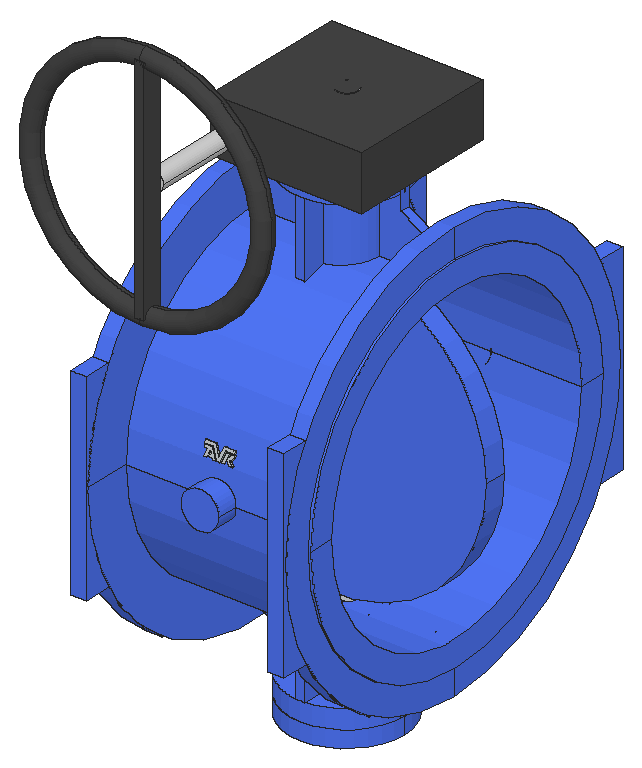
Revit family "756-100-104-DN150-600", category Pipe Accessories, Revit 2019
Family settings
  Round Connector Dimension = Use Diameter
  Part Type = Valve - Breaks Into
  Work Plane-Based = No
  Always vertical = Yes
  Cut with Voids When Loaded = No
  Shared = No
Parameters (values of type "DN500_PN10")
  W5 = size_lookup(Search_table, "W5", 0 mm, DN)  # 306 mm
  W4 = size_lookup(Search_table, "W4", 0 mm, DN)  # 335 mm
  W3 = size_lookup(Search_table, "W3", 0 mm, DN)  # 322 mm
  W2 = size_lookup(Search_table, "W2", 0 mm, DN)  # 477 mm
  W1 = size_lookup(Search_table, "W1", 0 mm, DN)  # 338 mm
  URL_product_pages = "https://www.avkvalves.com/P.aspx?no=7560150114000"
  Rib_width_2 = Gear_box_Mount_Flange_width * 2  # 185 mm
  Rib_width = L - (Flange_Thickness * 2)  # 290 mm
  Rib_height_2 = H1 - Flange_OD  # 55 mm
  Rib_depth = if(DN > 149 mm, 15 mm, if(DN > 299 mm, 15 mm, if(DN > 399 mm, 20 mm, 20 mm)))  # 15 mm
  Rib_height = Flange_OD / 1.1  # 304.545 mm
  Rf_Dia = size_lookup(Search_table, "RF_Dia", 0 mm, DN) / 2  # 291 mm
  RF_Cut_Thickness = 5 mm  # constant formula
  Pin_width = L / 2  # 175 mm
  Pin_dia = HW_rod_Dia * 2  # 60 mm
  Pin_Depth = (DN + size_lookup(Search_table, "Flange_OD", 0 mm, DN)) / 2  # 585 mm
  Offset = size_lookup(Search_table, "Offset", 0 mm, DN)  # 3 mm
  L2 = size_lookup(Search_table, "L2", 0 mm, DN)  # 69 mm
  L1 = size_lookup(Search_table, "L1", 0 mm, DN)  # 63 mm
  L = size_lookup(Search_table, "L", 0 mm, DN)  # 350 mm
  ID (Radius) = DN / 2  # 250 mm
  Hand_wheel_rod = size_lookup(Search_table, "Hand_wheel_rod", 0 mm, DN)  # 30 mm
  HW_rod_Dia = size_lookup(Search_table, "HW_rod_Dia", 0 mm, DN)  # 30 mm
  HW_height = W5 - (HW_rod_Dia / 2)  # 291 mm
  HW_Ref = size_lookup(Search_table, "HW_Ref", 0 mm, DN)  # 86 mm
  HW_Connecting_Rib_ref = (W2 + H1) / 2  # 433.5 mm
  HW_Connecting_Rib = D * 2  # 370 mm
  H2 = size_lookup(Search_table, "H2", 0 mm, DN)  # 417 mm
  H1 = size_lookup(Search_table, "H1", 0 mm, DN)  # 390 mm
  Gear_box_width = Gear_box_Mount_Flange_width * 1.3  # 120.25 mm
  Flange_Thickness = size_lookup(Search_table, "Flange_Thickness", 0 mm, DN)  # 30 mm
  Flange_OD = size_lookup(Search_table, "Flange_OD", 0 mm, DN) / 2  # 335 mm
  Disc_Dia = size_lookup(Search_table, "Disc_Dia", 0 mm, DN)  # 480.61 mm
  Disc _width = if(DN > 499 mm, 35 mm, if(DN > 399 mm, 25 mm, if(DN > 349 mm, 20 mm, if(DN > 249 mm, 15 mm, if(DN > 149 mm, 10 mm, 10 mm)))))  # 35 mm
  DN = 500 mm
  Search_table = "756-100-104-DN150-600"
  Disc_2 = size_lookup(Search_table, "Disk_2", 0 mm, DN)  # 20 mm
  Disc_1 = size_lookup(Search_table, "Disk_1", 0 mm, DN)  # 20 mm
  Description_ = "AVK_DOUBLE_ECCENTRIC_BUTTERFLY_VALVE"
  DN600_PN16 = "756-0600-1-14"
  DN600_PN10 = "756-0600-1-04"
  DN600 = yes
  DN500_PN16 = "756-0500-1-14"
  DN500_PN10 = "756-0500-1-04"
  DN500 = yes
  DN450_PN16 = "756-0450-1-14"
  DN450_PN10 = "756-0450-1-04"
  DN450 = yes
  DN400_PN16 = "756-0400-1-14"
  DN400_PN10 = "756-0400-1-04"
  DN400 = yes
  DN350_PN16 = "756-0350-1-14"
  DN350_PN10 = "756-0350-1-04"
  DN350 = yes
  DN300_PN16 = "756-0300-1-14"
  DN300_PN10 = "756-0300-1-04"
  DN300 = yes
  DN250_PN16 = "756-0250-1-14"
  DN250_PN10 = "756-0250-1-04"
  DN250 = yes
  DN200_PN16 = "756-0200-1-14"
  DN200_PN10 = "756-0200-1-04"
  DN200 = yes
  DN150_PN10/16 = "756-0150-1-14000"
  DN150 = yes
  D = size_lookup(Search_table, "D", 0 mm, DN) / 2 - (HW_rod_Dia / 2)  # 185 mm
  C_rod = if(DN > 499 mm, 34 mm, if(DN > 399 mm, 24 mm, if(DN > 349 mm, 19 mm, if(DN > 249 mm, 14 mm, if(DN > 149 mm, 9 mm, 9 mm)))))  # 34 mm
  Bottom_width = size_lookup(Search_table, "Bottom_width", 0 mm, DN)  # 320 mm
  Bottom_Depth = DN * 1.5  # 750 mm
  Gear_box_Mount_width = size_lookup(Search_table, "Gear_box_Mount_width", 0 mm, DN) * 2  # 58 mm
  Gear_box_Mount_Flange_width = size_lookup(Search_table, "Gear_box_Mount_Flange_width", 0 mm, DN) / 2  # 92.5 mm
  Gear_box_Mount_Flange_thickness = size_lookup(Search_table, "Gear_box_Mount_Flange_thickness", 0 mm, DN)  # 30 mm
  Body_wallthickness = 10 mm  # constant formula
Types (12, lengths in mm): name | W5 | W4 | W3 | W2 | W1 | Rib_width_2 | Rib_width | Rib_height_2 | Rib_height | Rf_Dia | Pin_width | Pin_dia | Pin_Depth | Offset | L2 | L1 | L | ID (Radius) | Hand_wheel_rod | HW_rod_Dia | HW_height | HW_Ref | HW_Connecting_Rib_ref | HW_Connecting_Rib | H2 | H1 | Gear_box_width | Flange_Thickness | Flange_OD | Disc_Dia | Disc _width | DN | Disc_2 | Disc_1 | DN600_PN16 | D | C_rod | Bottom_width | Bottom_Depth | Gear_box_Mount_width | Gear_box_Mount_Flange_width | Gear_box_Mount_Flange_thickness
  (no name) | 306 | 335 | 322 | 477 | 338 | 185 | 290 | 55 | 304.545 | 291 | 175 | 60 | 585 | 3 | 69 | 63 | 350 | 250 | 30 | 30 | 291 | 86 | 433.5 | 370 | 417 | 390 | 120.25 | 30 | 335 | 480.61 | 35 | 500 | 20 | 20 | "756-0600-1-14" | 185 | 34 | 320 | 750 | 58 | 92.5 | 30
  DN150_PN10/16 | 276 | 6 | 6 | 263 | 155 | 136 | 180 | 48 | 129.545 | 105.5 | 105 | 30 | 217.5 | 3 | 1 | 1 | 210 | 75 | 36.5 | 15 | 268.5 | 71 | 226.75 | 235 | 201 | 190.5 | 88.4 | 15 | 142.5 | 133 | 10 | 150 | 2 | 2 | "756-0600-1-14" | 117.5 | 9 | 120 | 225 | 43 | 68 | 15
  DN200_PN10/16 | 276 | 6 | 6 | 279 | 182 | 136 | 200 | 46.5 | 154.545 | 133 | 115 | 30 | 270 | 5 | 1 | 1 | 230 | 100 | 31.5 | 15 | 268.5 | 71 | 247.75 | 235 | 227 | 216.5 | 88.4 | 15 | 170 | 180 | 10 | 200 | 2 | 2 | "756-0600-1-14" | 117.5 | 9 | 140 | 300 | 43 | 68 | 15
  DN250_PN10/16 | 276 | 6 | 6 | 313 | 215 | 124 | 220 | 48 | 184.091 | 159.5 | 125 | 30 | 327.5 | 5 | 1 | 1 | 250 | 125 | 31.5 | 15 | 268.5 | 71 | 281.75 | 235 | 261 | 250.5 | 80.6 | 15 | 202.5 | 227 | 15 | 250 | 2 | 2 | "756-0600-1-14" | 117.5 | 14 | 170 | 375 | 37 | 62 | 15
  DN300_PN10/16 | 306 | 104 | 6 | 343 | 242 | 150 | 230 | 51.5 | 209.091 | 185 | 135 | 40 | 380 | 6 | 12 | 1 | 270 | 150 | 31 | 20 | 296 | 71 | 312.25 | 380 | 292 | 281.5 | 97.5 | 20 | 230 | 282.17 | 15 | 300 | 20 | 3 | "756-0600-1-14" | 190 | 14 | 210 | 450 | 45 | 75 | 20
  DN350_PN10/16 | 306 | 173 | 151 | 369 | 272 | 160 | 250 | 48 | 236.364 | 214.5 | 145 | 40 | 435 | 3 | 26 | 20 | 290 | 175 | 30.5 | 20 | 296 | 71 | 338.5 | 380 | 318 | 308 | 104 | 20 | 260 | 334 | 20 | 350 | 20 | 20 | "756-0600-1-14" | 190 | 19 | 210 | 525 | 50 | 80 | 20
  DN400_PN10/16 | 306 | 232 | 215 | 403 | 302 | 150 | 270 | 49 | 263.636 | 240 | 155 | 40 | 490 | 3 | 41 | 35 | 310 | 200 | 32 | 20 | 296 | 80 | 371 | 380 | 349 | 339 | 97.5 | 20 | 290 | 383 | 25 | 400 | 20 | 20 | "756-0600-1-14" | 190 | 24 | 260 | 600 | 45 | 75 | 20
  DN450_PN10/16 | 416 | 284 | 267 | 440 | 332 | 185 | 270 | 40 | 290.909 | 265 | 165 | 60 | 545 | 3 | 55 | 48 | 330 | 225 | 30 | 30 | 401 | 86 | 400 | 470 | 390 | 360 | 120.25 | 30 | 320 | 430 | 25 | 450 | 20 | 20 | "756-0600-1-14" | 235 | 24 | 280 | 675 | 58 | 92.5 | 30
  DN500_PN10 | 306 | 335 | 322 | 477 | 338 | 185 | 290 | 55 | 304.545 | 291 | 175 | 60 | 585 | 3 | 69 | 63 | 350 | 250 | 30 | 30 | 291 | 86 | 433.5 | 370 | 417 | 390 | 120.25 | 30 | 335 | 480.61 | 35 | 500 | 20 | 20 | "756-0600-1-14" | 185 | 34 | 320 | 750 | 58 | 92.5 | 30
  DN600_PN10 | 416 | 437 | 426 | 546 | 393 | 205 | 330 | 75 | 354.545 | 341 | 195 | 60 | 690 | 3 | 100 | 94 | 390 | 300 | 31.5 | 30 | 401 | 104 | 505.5 | 570 | 476 | 465 | 133.25 | 30 | 390 | 582 | 35 | 600 | 20 | 20 | "756-0600-1-14\r\n756-0600-1-14\r\n756-0600-1-14" | 285 | 34 | 400 | 900 | 62.5 | 102.5 | 30
  DN500_PN16 | 416 | 335 | 322 | 496 | 370 | 185 | 290 | 55 | 304.545 | 291 | 175 | 60 | 585.05 | 3 | 69 | 63 | 350 | 250.05 | 30 | 30 | 401 | 86 | 443 | 470 | 427 | 390 | 120.25 | 30 | 335 | 480.61 | 35 | 500.1 | 20 | 20 | "756-0600-1-14" | 235 | 34 | 320 | 750.15 | 58 | 92.5 | 30
  DN600_PN16 | 450 | 437 | 426 | 586 | 435 | 205 | 330 | 75 | 354.545 | 341 | 195 | 60 | 690.05 | 3 | 100 | 94 | 390 | 300.05 | 31.5 | 30 | 435 | 104 | 525.5 | 570 | 503 | 465 | 133.25 | 30 | 390 | 582 | 35 | 600.1 | 20 | 20 | "756-0600-1-14\r\n756-0600-1-14\r\n756-0600-1-14" | 285 | 34 | 400 | 900.15 | 62.5 | 102.5 | 30
Reference planes
  plane 1 "Center (Front/Back)": y = 0
  plane 2: z = 0
  plane 3 "Center (Left/Right)": x = 0
  plane 4: y = 250
  plane 5: y = 260
  plane 6: x = 175
  plane 7: x = 145
  plane 8: x = -145
  plane 9: x = -175
  plane 10: z = 390
  plane 11: x = 92.5
  plane 12: z = 360
  plane 13: z = -390
  plane 14: x = 92.5
  plane 15: z = -360
  plane 16: x = 58
  plane 17: x = 92.5
  plane 18: x = -92.5
  plane 19: z = 390
  plane 20: z = 335
  plane 21: z = 250
  plane 22: x = 145
  plane 23: x = -145
  plane 24: z = 304.545
  plane 25: y = 7.5
  plane 26: y = -7.5
  plane 27: x = 92.5
  plane 28: x = -92.5
  plane 29: z = -390
  plane 30: z = -335
  plane 31: z = -250
  plane 32: x = 145
  plane 33: x = -145
  plane 34: z = -304.545
  plane 35: y = 92.5
  plane 36: y = -92.5
  plane 37: x = -7.5
  plane 38: x = 7.5
  plane 39: z = 160
  plane 40: z = -160
  plane 41: y = -338
  plane 42: y = 338
  plane 43: z = 477
  plane 44: x = -120.25
  plane 45: x = 120.25
  plane 46: y = 120.25
  plane 47: y = -120.25
  plane 48: y = -306
  plane 49: y = -276
  plane 50: z = -417
  plane 51: z = 477
  plane 52: x = 58
  plane 53: y = 250
  plane 54: y = -250
  plane 55: y = 292.5
  plane 56: y = -292.5
  plane 57: x = -86
  plane 58: z = 433.5
  plane 59: z = 618.5
  plane 60: z = 248.5
  plane 61: x = -78.5
  plane 62: x = -93.5
  plane 63: x = -403
  plane 64: x = -3
  plane 65: z = 86.159
  plane 66: z = -77.255
  plane 67: y = -17.5
  plane 68: y = 17.5
  plane 69: z = 369.956
  plane 70: z = -319.045
  plane 71: z = 218.671
  plane 72: z = -218.671
  plane 73: z = 213.253
  plane 74: z = -213.253
Forms (mm)
  Revolve 1, solid, material "Plastic"
    sketch origin (0, 0, 0) x (1, 0, 0) y (0, 1, 0)
      loop
        line (-145, 260) -> (-145, 335) -> (-175, 335) -> (-175, 250) -> (175, 250) -> (175, 335) -> (145, 335) -> (145, 260) -> (-145, 260)
      axis (-175, 0) -> (175, 0)
    angle from 0 to 360
  Revolve 2, solid, material "Plastic"
    sketch origin (0, 0, 0) x (1, 0, 0) y (0, 0, 1)
      loop
        line (58, 360) -> (92.5, 360) -> (92.5, 390) -> (0, 390) -> (0, 250) -> (58, 250) -> (58, 360)
      axis (0, 390) -> (0, 250)
    angle from 0 to 360
  Revolve 3, solid, material "Plastic"
    sketch origin (0, 0, 0) x (1, 0, 0) y (0, 0, -1)
      loop
        line (58, 250) -> (58, 360) -> (92.5, 360) -> (92.5, 390) -> (0, 390) -> (0, 250) -> (58, 250)
      axis (0, 390) -> (0, 250)
    angle from 0 to 360
  Revolve 4, solid, material "Plastic"
    sketch origin (0, 0, 0) x (1, 0, 0) y (0, 0, 1)
      loop
        line (0, -390) -> (0, -417) -> (92.5, -417) -> (92.5, -390) -> (0, -390)
      axis (0, -417) -> (0, -390)
    angle from 0 to 360
  Extrusion 5, solid, material "Plastic"
    sketch origin (0, 0, 0) x (1, 0, 0) y (0, 0, 1)
      loop
        line (92.5, 390) -> (-92.5, 390) -> (-92.5, 335) -> (-145, 304.545) -> (-145, 250) -> (145, 250) -> (145, 304.545) -> (92.5, 335) -> (92.5, 390)
    from -7.5 to 7.5
  Extrusion 6, solid, material "Plastic"
    sketch origin (0, 0, 0) x (1, 0, 0) y (0, 0, 1)
      loop
        line (92.5, -390) -> (92.5, -335) -> (145, -304.545) -> (145, -250) -> (-145, -250) -> (-145, -304.545) -> (-92.5, -335) -> (-92.5, -390) -> (92.5, -390)
    from -7.5 to 7.5
  Extrusion 7, solid, material "Plastic"
    sketch origin (0, 0, 0) x (0, 1, 0) y (0, 0, 1)
      loop
        line (92.5, 360) -> (-92.5, 360) -> (-92.5, -360) -> (92.5, -360) -> (92.5, 360)
    from -7.5 to 7.5
  Extrusion 8, solid, material "Plastic"
    sketch origin (0, 0, 0) x (0, 1, 0) y (0, 0, 1)
      loop
        line (338, -160) -> (338, 160) -> (294.321, 160)
        arc (294.321, 160) -> (324.671, 82.545) -> (335, 0) r 335
        arc (335, 0) -> (324.671, -82.545) -> (294.321, -160) r 335
        line (294.321, -160) -> (338, -160)
      loop
        line (-338, 160) -> (-338, -160) -> (-294.321, -160)
        arc (-294.321, -160) -> (-324.671, -82.545) -> (-335, 0) r 335
        arc (-335, 0) -> (-324.671, 82.545) -> (-294.321, 160) r 335
        line (-294.321, 160) -> (-338, 160)
    from 145 to 175
  Extrusion 9, void
    sketch origin (0, 0, 0) x (0, 1, 0) y (0, 0, 1)
      loop
        circle (0, 0) r 250
    from -175 to 175
  Extrusion 10, solid, material "Plastic"
    sketch origin (0, 0, 0) x (0, 1, 0) y (0, 0, -1)
      loop
        line (-338, -160) -> (-294.321, -160)
        arc (-294.321, -160) -> (-324.671, -82.545) -> (-335, 0) r 335
        arc (-335, 0) -> (-324.671, 82.545) -> (-294.321, 160) r 335
        line (-294.321, 160) -> (-338, 160) -> (-338, -160)
      loop
        line (338, 160) -> (294.321, 160)
        arc (294.321, 160) -> (324.671, 82.545) -> (335, 0) r 335
        arc (335, 0) -> (324.671, -82.545) -> (294.321, -160) r 335
        line (294.321, -160) -> (338, -160) -> (338, 160)
    from 145 to 175
  Extrusion 11, solid, material "Plastic(1)"
    sketch origin (0, 0, 0) x (1, 0, 0) y (0, 0, 1)
      loop
        line (-120.25, 390) -> (120.25, 390) -> (120.25, 477) -> (-120.25, 477) -> (-120.25, 390)
    from -120.25 to 120.25
  Extrusion 12, solid, material "Stainless Steel AISI 304(1)"
    sketch origin (0, 0, 0) x (1, 0, 0) y (0, 0, 1)
      loop
        circle (-86, 433.5) r 15
    from 0 to 276
  Extrusion 13, solid, material "Plastic"
    sketch origin (0, 0, 0) x (1, 0, 0) y (0, 0, 1)
      loop
        circle (0, 0) r 30
    from -292.5 to -250
  Extrusion 14, solid, material "Plastic"
    sketch origin (0, 0, 0) x (1, 0, 0) y (0, 0, 1)
      loop
        circle (0, 0) r 30
    from 292.5 to 250
  Revolve 15, solid, material "Plastic(1)"
    sketch origin (-86, -1524, 372.903) x (0, 0, 1) y (0, -1, 0)
      loop
        circle (245.597, -1233) r 15
      axis (60.597, -1233) -> (60.597, -1232)
    angle from 0 to 360
  Extrusion 16, solid, material "Plastic(1)"
    sketch origin (0, 0, 0) x (1, 0, 0) y (0, 0, 1)
      loop
        line (-93.5, 618.5) -> (-93.5, 248.5) -> (-78.5, 248.5) -> (-78.5, 618.5) -> (-93.5, 618.5)
    from 276 to 306
  Extrusion 17, solid, material "Plastic"
    sketch origin (0, 0, 0) x (1, 0, 0) y (0, 0, 1)
      loop
        circle (-3, 0) r 240.305
    from -17.5 to 17.5
  Extrusion 18, solid
    sketch origin (0, 0, 0) x (1, 0, 0) y (0, 1, 0)
      loop
        circle (0, 0) r 17
    from -417 to 477
  Revolve 19, void
    sketch origin (0, 0, 0) x (1, 0, 0) y (0, 0, 1)
      loop
        line (170, 417) -> (170, 291) -> (175, 291) -> (175, 417) -> (170, 417)
      loop
        line (-170, 417) -> (-175, 417) -> (-175, 291) -> (-170, 291) -> (-170, 417)
      axis (-175, 0) -> (175, 0)
    angle from 0 to 360
Cuts and joins
  Extrusion 9, Revolve 19 cuts Revolve 1
  Extrusion 9 cuts Extrusion 7
  Extrusion 9, Revolve 19 cuts Extrusion 8
  Revolve 19 cuts Extrusion 10
Dimensions and locks
  equal spacing: plane 9, plane 3 "Center (Left/Right)", plane 6
  "L": plane 9 to plane 6
  "ID (Radius)": plane 4 to plane 1 "Center (Front/Back)"
  "Body_wallthickness": plane 5 to plane 4
  "Flange_Thickness": plane 7 to plane 6
  "Flange_Thickness": plane 9 to plane 8
  "Flange_OD": plane 1 "Center (Front/Back)" to Revolve 1 sketch curve
  "H1": plane 10 to level
  "Gear_box_Mount_Flange_thickness": plane 10 to plane 12
  "ID (Radius)": Revolve 2 sketch curve to level
  "Gear_box_Mount_Flange_width": plane 3 "Center (Left/Right)" to plane 11
  "Gear_box_Mount_Flange_thickness": plane 13 to plane 15
  "H1": level to plane 13
  "ID (Radius)": level to Revolve 3 sketch curve
  "Gear_box_Mount_Flange_width": Revolve 4 sketch curve to Revolve 4 sketch curve
  "ID (Radius)": plane 21 to level
  "H1": plane 19 to level
  "Gear_box_Mount_Flange_width": plane 3 "Center (Left/Right)" to plane 17
  "Gear_box_Mount_Flange_width": plane 18 to plane 3 "Center (Left/Right)"
  "Rib_height": plane 24 to level
  equal spacing: plane 25, plane 1 "Center (Front/Back)", plane 26
  "Rib_depth": plane 25 to plane 26
  equal spacing: plane 22, plane 3 "Center (Left/Right)", plane 23
  "Rib_width": plane 22 to plane 23
  "Rib_height_2": plane 19 to plane 20
  "Rib_height_2": plane 29 to plane 30
  "Rib_height": level to plane 34
  "Gear_box_Mount_Flange_width": plane 28 to plane 3 "Center (Left/Right)"
  "Gear_box_Mount_Flange_width": plane 3 "Center (Left/Right)" to plane 27
  "ID (Radius)": level to plane 31
  "H1": level to plane 29
  equal spacing: plane 32, plane 3 "Center (Left/Right)", plane 33
  "Rib_width": plane 32 to plane 33
  equal spacing: plane 35, plane 1 "Center (Front/Back)", plane 36
  equal spacing: plane 37, plane 3 "Center (Left/Right)", plane 38
  "Rib_depth": plane 37 to plane 38
  equal spacing: plane 42, plane 1 "Center (Front/Back)", plane 41
  "W1": plane 1 "Center (Front/Back)" to plane 41
  "W1": plane 42 to plane 1 "Center (Front/Back)"
  "Bottom_width": plane 39 to plane 40
  equal spacing: plane 39, level, plane 40
  "W2": plane 43 to level
  equal spacing: plane 45, plane 3 "Center (Left/Right)", plane 44
  equal spacing: plane 46, plane 1 "Center (Front/Back)", plane 47
  "Rib_width_2": plane 35 to plane 36
  "Gear_box_width": plane 45 to plane 3 "Center (Left/Right)"
  "Gear_box_width": plane 1 "Center (Front/Back)" to plane 47
  "W5": plane 1 "Center (Front/Back)" to plane 48
  "H2": level to Revolve 4 sketch curve
  "HW_rod_Dia": plane 49 to plane 48
  "H2": level to plane 50
  "W2": plane 51 to level
  "W1": plane 1 "Center (Front/Back)" to Extrusion 10
  "Gear_box_Mount_width": plane 52 to plane 3 "Center (Left/Right)"
  "Gear_box_Mount_width": plane 3 "Center (Left/Right)" to plane 16
  "Gear_box_Mount_Flange_width": plane 3 "Center (Left/Right)" to plane 14
  "Pin_width": cut or joined group of Extrusion 8, Extrusion 9, Revolve 19 to Extrusion 13 sketch curve
  "H2": Extrusion 13 sketch curve to Revolve 4
  equal spacing: plane 53, plane 1 "Center (Front/Back)", plane 54
  "DN": plane 53 to plane 54
  equal spacing: plane 55, plane 1 "Center (Front/Back)", plane 56
  "Pin_Depth": plane 55 to plane 56
  "HW_Ref": plane 3 "Center (Left/Right)" to Extrusion 12 sketch curve
  "HW_Ref": plane 3 "Center (Left/Right)" to plane 57
  "D": Revolve 15 sketch curve to Revolve 15 sketch curve
  "HW_height": plane 1 "Center (Front/Back)" to Revolve 15 sketch curve
  "HW_Connecting_Rib_ref": plane 58 to level
  equal spacing: plane 59, plane 58, plane 60
  "HW_Connecting_Rib": plane 59 to plane 60
  equal spacing: plane 61, plane 57, plane 62
  "Rib_depth": plane 61 to plane 62
  plane 3 "Center (Left/Right)" to plane 63 = 403 mm
  cut or joined group of Revolve 1, Extrusion 9, Revolve 19 to cut or joined group of Revolve 1, Extrusion 9, Revolve 19 = 350 mm  (x2)
  "Offset": plane 64 to plane 3 "Center (Left/Right)"
  plane 65 to plane 66 = 163.413 mm
  Extrusion 17 to cut or joined group of Revolve 1, Extrusion 9, Revolve 19 = 68.305 mm
  cut or joined group of Revolve 1, Extrusion 9, Revolve 19 to Extrusion 17 = 62.305 mm
  equal spacing: plane 68, plane 1 "Center (Front/Back)", plane 67
  equal spacing: cut or joined group of Revolve 1, Extrusion 9, Revolve 19, Extrusion 18 sketch curve, cut or joined group of Revolve 1, Extrusion 9, Revolve 19
  equal spacing: plane 53, Extrusion 18 sketch curve, plane 54
  Extrusion 11 to plane 69 = 107.044 mm
  plane 70 to Revolve 4 = 97.955 mm
  plane 71 to plane 72 = 437.342 mm
  "Disc _width": plane 68 to plane 67
  "HW_Connecting_Rib_ref": Revolve 15 sketch curve to level
  "HW_Connecting_Rib_ref": Extrusion 12 sketch curve to level
  "H2": Revolve 19 sketch curve to level
  "Rf_Dia": Revolve 19 sketch curve to level
  "RF_Cut_Thickness": Revolve 19 sketch curve to Revolve 19 sketch curve  (x2)
  "Pin_dia": diameter of Extrusion 13 sketch curve
  "HW_rod_Dia": diameter of Extrusion 12 sketch curve
  "HW_rod_Dia": diameter of Revolve 15 sketch curve
  "Disc_Dia": diameter of Extrusion 17 sketch curve
  "C_rod": diameter of Extrusion 18 sketch curve
  aligned and locked: level to plane 2
  aligned and locked: Revolve 1 sketch curve to plane 4
  aligned and locked: plane 5 to Revolve 1 sketch curve
  aligned and locked: Revolve 1 sketch curve to plane 6
  aligned and locked: Revolve 1 sketch curve to plane 7
  aligned and locked: Revolve 1 sketch curve to plane 8
  aligned and locked: Revolve 1 sketch curve to plane 9
  aligned and locked: Revolve 1 sketch curve to Revolve 1 sketch curve
  aligned and locked: plane 1 "Center (Front/Back)" to Revolve 1 sketch curve
  aligned and locked: Revolve 2 sketch curve to Revolve 2 sketch curve
  aligned and locked: plane 10 to Revolve 2 sketch curve
  aligned and locked: Revolve 2 sketch curve to plane 11  (x2)
  aligned and locked: plane 12 to Revolve 2 sketch curve
  aligned and locked: Revolve 2 sketch curve to plane 3 "Center (Left/Right)"
  aligned and locked: Revolve 3 sketch curve to plane 14
  aligned and locked: plane 13 to Revolve 3 sketch curve
  aligned and locked: Revolve 4 sketch curve to plane 3 "Center (Left/Right)"  (x2)
  aligned and locked: Extrusion 5 sketch curve to plane 17  (x2)
  aligned and locked: Extrusion 5 sketch curve to plane 19
  aligned and locked: Extrusion 5 sketch curve to plane 18  (x2)
  aligned and locked: plane 19 to Extrusion 5 sketch curve
  aligned and locked: Extrusion 5 sketch curve to plane 20
  aligned and locked: plane 20 to Extrusion 5 sketch curve
  aligned and locked: Extrusion 5 sketch curve to plane 24
  aligned and locked: plane 22 to Extrusion 5 sketch curve  (x2)
  aligned and locked: plane 24 to Extrusion 5 sketch curve
  aligned and locked: plane 23 to Extrusion 5 sketch curve  (x2)
  aligned and locked: plane 21 to Extrusion 5 sketch curve
  aligned and locked: Extrusion 5 to plane 25
  aligned and locked: Extrusion 5 to plane 26
  aligned and locked: Extrusion 6 sketch curve to plane 27  (x2)
  aligned and locked: plane 32 to Extrusion 6 sketch curve  (x2)
  aligned and locked: plane 33 to Extrusion 6 sketch curve  (x2)
  aligned and locked: plane 31 to Extrusion 6 sketch curve  (x2)
  aligned and locked: Extrusion 6 sketch curve to plane 34
  aligned and locked: plane 28 to Extrusion 6 sketch curve  (x2)
  aligned and locked: plane 30 to Extrusion 6 sketch curve  (x2)
  aligned and locked: plane 29 to Extrusion 6 sketch curve  (x2)
  aligned and locked: plane 34 to Extrusion 6 sketch curve
  aligned and locked: plane 35 to Extrusion 7 sketch curve
  aligned and locked: Extrusion 7 sketch curve to plane 36
  aligned and locked: Extrusion 7 sketch curve to Revolve 2
  aligned and locked: Extrusion 7 to plane 38
  aligned and locked: Extrusion 7 to plane 37
  aligned and locked: plane 39 to Extrusion 8 sketch curve  (x2)
  aligned and locked: Extrusion 8 sketch curve to plane 39  (x2)
  aligned and locked: Extrusion 8 to Revolve 1  (x2)
  aligned and locked: Extrusion 9 sketch curve to Revolve 1  (x2)
  aligned and locked: plane 41 to Extrusion 8 sketch curve
  aligned and locked: Extrusion 8 sketch curve to plane 40
  aligned and locked: Extrusion 8 sketch curve to plane 41
  aligned and locked: Extrusion 8 sketch curve to plane 42
  aligned and locked: plane 40 to Extrusion 8 sketch curve
  aligned and locked: plane 42 to Extrusion 8 sketch curve
  aligned and locked: Extrusion 8 sketch curve to cut or joined group of Revolve 1, Extrusion 9, Revolve 19  (x4)
  aligned and locked: Extrusion 10 sketch curve to cut or joined group of Extrusion 8, Extrusion 9, Revolve 19  (x6)
  aligned and locked: Extrusion 10 sketch curve to cut or joined group of Revolve 1, Extrusion 9, Revolve 19  (x3)
  aligned and locked: Extrusion 10 to Extrusion 5
  aligned and locked: Extrusion 10 to cut or joined group of Revolve 1, Extrusion 9, Revolve 19
  aligned and locked: Extrusion 11 sketch curve to Revolve 2
  aligned and locked: Extrusion 11 sketch curve to plane 44
  aligned and locked: plane 43 to Extrusion 11 sketch curve
  aligned and locked: Extrusion 11 sketch curve to plane 45
  aligned and locked: Extrusion 11 sketch curve to plane 43
  aligned and locked: plane 47 to Extrusion 11
  aligned and locked: Extrusion 11 to plane 46
  aligned and locked: plane 3 "Center (Left/Right)" to nested 1
  aligned and locked: Revolve 2 sketch curve to plane 52  (x2)
  aligned and locked: plane 16 to Revolve 3 sketch curve
  aligned and locked: plane 15 to Revolve 3 sketch curve  (x2)
  aligned and locked: Revolve 3 sketch curve to plane 3 "Center (Left/Right)"  (x2)
  aligned and locked: Revolve 3 sketch curve to Revolve 3 sketch curve
  aligned and locked: plane 14 to Revolve 3 sketch curve
  aligned and locked: Extrusion 13 to plane 53
  aligned and locked: Extrusion 14 sketch curve to Extrusion 13  (x2)
  aligned and locked: plane 54 to Extrusion 14
  aligned and locked: Extrusion 13 to plane 55
  aligned and locked: plane 56 to Extrusion 14
  aligned and locked: Extrusion 9 to Revolve 1  (x2)
  aligned and locked: plane 59 to Extrusion 16 sketch curve  (x2)
  aligned and locked: plane 61 to Extrusion 16 sketch curve  (x2)
  aligned and locked: plane 62 to Extrusion 16 sketch curve  (x2)
  aligned and locked: plane 60 to Extrusion 16 sketch curve  (x2)
  aligned and locked: Extrusion 16 to plane 49
  aligned and locked: Extrusion 11 to Extrusion 18
  aligned and locked: Extrusion 18 to Revolve 4
  aligned and locked: Extrusion 17 to plane 68
  aligned and locked: Extrusion 17 to plane 67
  aligned and locked: Extrusion 12 to plane 49
  aligned and locked: plane 48 to Extrusion 16
  aligned and locked: Revolve 19 sketch curve to cut or joined group of Revolve 1, Extrusion 9, Revolve 19  (x2)
  aligned and locked: Revolve 19 sketch curve to Revolve 19 sketch curve  (x2)
  aligned and locked: Revolve 19 sketch curve to plane 2
  aligned and locked: Revolve 4 to Revolve 3
  aligned and locked: cut or joined group of Extrusion 7, Extrusion 9 to Revolve 3
Automatic sketch dimensions
  Extrusion 10 sketch curve to Extrusion 10 sketch curve = 0 mm
  Revolve 1 sketch curve to plane 57 = 25 mm
  Revolve 1 sketch curve to plane 38 = 19.183 mm
  Revolve 2 sketch curve to Revolve 2 sketch curve = 35.25 mm
  Revolve 3 sketch curve to Revolve 3 sketch curve = 35.25 mm
  Revolve 4 sketch curve to Revolve 4 sketch curve = 60 mm
  Revolve 4 sketch curve to Revolve 4 sketch curve = 15 mm
  plane 56 to Revolve 15 sketch curve = 4.247 mm
  plane 48 to Revolve 15 sketch curve = 58.247 mm
  Revolve 3 sketch curve to Revolve 3 sketch curve = 42.25 mm
  Extrusion 17 sketch curve to level = 0 mm
  plane 64 to Extrusion 17 sketch curve = 0 mm
  Revolve 2 sketch curve to Revolve 2 sketch curve = 42.25 mm
  plane 50 to Revolve 4 sketch curve = 27 mm
  plane 50 to Extrusion 7 sketch curve = 57 mm
  plane 37 to Revolve 19 sketch curve = 22.5 mm
  Revolve 19 sketch curve to plane 38 = 37.5 mm
Nested families
  nested 1: "LOGO LV Final" at (0, -256.64, 41.665) x (1, 0, 0) z (0, -0.9871, 0.1603), type "LOGO LV Final"
Connectors
  piping at (-175, 0, 0), diameter 500, driven by "DN"
    settings: on Revolve 1, index 1, connector inside diameter 609.6 mm, connector length 0 mm, flow factor 0, pipe flow 0.0 L/s, pressure drop 0.0 Pa, fitting loss kfactor 0, connector angle 0.00°, fixture units 0, engagement length 0 mm, angle of deflection 0.00°, flow configuration 0, flow direction 0, fitting loss method 0, system type 7, joint type 0, gender type 0, connector reference index -1, connector utility 0, adjustable connector no, is connector primary yes, connector description ""
  piping at (175, 0, 0), diameter 500, driven by "DN"
    settings: on Revolve 1, index 2, connector inside diameter 609.6 mm, connector length 0 mm, flow factor 0, pipe flow 0.0 L/s, pressure drop 0.0 Pa, fitting loss kfactor 0, connector angle 0.00°, fixture units 0, engagement length 0 mm, angle of deflection 0.00°, flow configuration 0, flow direction 0, fitting loss method 0, system type 7, joint type 0, gender type 0, connector reference index -1, connector utility 0, adjustable connector no, is connector primary no, connector description ""
Definition of nested family "LOGO LV Final"
  Parameters (values of type "LOGO LV Final")
    Default Elevation = 1219.2 mm
  Reference planes
    plane 1 "Center (Front/Back)": y = 0
    plane 2: z = 0
    plane 3 "Center (Left/Right)": x = 0
  Forms (mm)
    Extrusion 1, solid
      sketch origin (0, 0, 0) x (1, 0, 0) y (0, 1, 0)
        loop
          line (-1219.2, 1219.2) -> (-1219.2, -1219.2) -> (1219.2, -1219.2) -> (1219.2, 1219.2) -> (-1219.2, 1219.2)
      from 0 to -304.8
    Extrusion 2, solid
      sketch origin (0, 0, 0) x (1, 0, 0) y (0, 1, 0)
        loop
          line (-6.514, 34.224) -> (-24, 34.224) -> (-24, 29.481) -> (-9.766, 29.481) -> (-2.391, 11.367) -> (2.391, 11.367) -> (9.766, 29.481) -> (24, 29.481) -> (24, 34.224) -> (6.514, 34.224) -> (0, 18.224) -> (-6.514, 34.224)
        loop
          line (-10.996, 27.653) -> (-24, 27.653) -> (-24, 23.081) -> (-19.503, 23.081) -> (-24, 11.367) -> (-18.92, 11.367) -> (-17.955, 13.881) -> (-10.51, 13.881) -> (-9.486, 11.367) -> (-4.365, 11.367) -> (-10.996, 27.653)
        loop
          line (-16.777, 18.224) -> (-12.278, 18.224) -> (-14.594, 23.912) -> (-16.777, 18.224)
        loop
          line (4.365, 11.367) -> (9.486, 11.367) -> (12.093, 17.77) -> (16.918, 11.367) -> (22.857, 11.367) -> (17.399, 18.61)
          arc (17.399, 18.61) -> (20.583, 20.18) -> (22.629, 23.081) r 7.2
          line (22.629, 23.081) -> (24, 23.081) -> (24, 27.653) -> (19.429, 27.653)
          arc (19.429, 27.653) -> (17.763, 23.526) -> (13.699, 21.714) r 5.943
          line (13.699, 21.714) -> (16.117, 27.653) -> (10.996, 27.653) -> (4.365, 11.367)
      from 0 to 1
  Dimensions and locks
    aligned and locked: plane 2 to Extrusion 1
    aligned and locked: level to Extrusion 1
    aligned and locked: Extrusion 2 sketch curve to import instance
